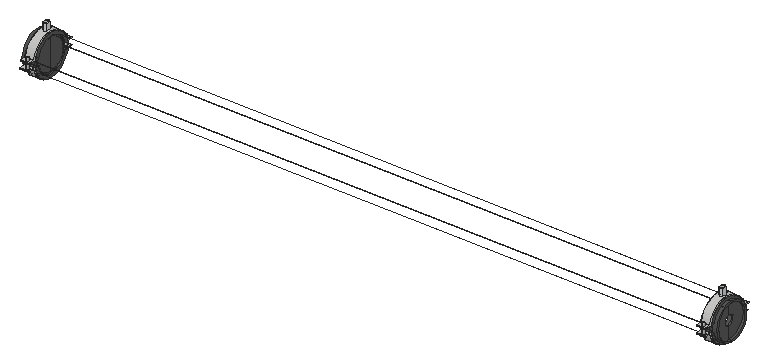
Revit family "FT LED Secure_2020", category Lighting Fixtures, Revit 2020
Family settings
  Round Connector Dimension = Use Diameter
  Part Type = Normal
  OmniClass Number = 23.80.70.00
  OmniClass Title = Lighting
  Work Plane-Based = No
  Always vertical = Yes
  Cut with Voids When Loaded = No
  Light Source = Yes
  Shared = No
  Room Calculation Point = No
Parameters (values of type "LS324")
  Watts = 40 W
  Wattage = 45.1051 W
  built-in parameter 1150110 = 1 (stored number, unit not read)
  Useful life = "L70B50>50000"
  Unify glade rating = "UGR<19"
  URL = "https://www.airfal.com/prod/atex-atmosfera-explosiva/luminaria-led-secure/"
  built-in parameter 1114217 = 1 (stored number, unit not read)
  Tilt Angle = 90.00°
  built-in parameter 1150109 = 1 (stored number, unit not read)
  built-in parameter 1150134 = 12
  built-in parameter 1150113 = 1 (stored number, unit not read)
  Photometric Web File = "LS324 LED SECURE 1500 40W 7070 lm 4000K.IES"
  Photobiological risk group = "RG1"
  Net output = 4481 lm
  MacAdam Ellipse = "3/4"
  built-in parameter 1150105 = 533.17 (stored number, unit not read)
  Lumens = 6700 lm
  built-in parameter 1150115 = 1 (stored number, unit not read)
  built-in parameter 1150137 = (empty or 0)
  built-in parameter 1150139 = (empty or 0)
  built-in parameter 1150112 = 1 (stored number, unit not read)
  built-in parameter 1150114 = 1 (stored number, unit not read)
  LED/FLUO = "LED or fluorescent tube"
  L = 1637.00 mm
  built-in parameter 1150132 = 2
  built-in parameter 1150102 = (empty or 0)
  built-in parameter 1150107 = 4000 (stored number, unit not read)
  built-in parameter 1150138 = (empty or 0)
  built-in parameter 1150106 = 5.3317 (stored number, unit not read)
  IP = "IP68-2"
  IK = "IK10"
  Glow wire test = ""
  Emit from Line Length = 609.60 mm
  Emergency system = yes
  built-in parameter 1150104 = 13.8 (stored number, unit not read)
  EX Area = "Ex II 3GD Ex nR IIC T6 Gc Ex tc IIIC T85 ºC Dc"
  Dimming Lamp Color Temperature Shift = <None>
  Description = "https://www.airfal.com/wp-content/uploads/2019/06/FT-Secure.pdf"
  Default Elevation = 0.00 mm
  Color Filter = 16777215
  Chromatic Index = "CR>80"
  built-in parameter 1114218 = 1 (stored number, unit not read)
  built-in parameter 1150133 = 10 (stored number, unit not read)
Types (12, lengths in mm): name | Watts | Wattage | Tilt Angle | built-in parameter 1150134 | Photometric Web File | Net output | built-in parameter 1150105 | Lumens | L | built-in parameter 1150107 | built-in parameter 1150106
  LS113 | 13 W | 10.0308 W | 60.00° | (empty or 0) | "LS113 LED SECURE 600 13W 1490 lm 3000K.IES" | 997 lm | 118.57 (stored number, unit not read) | 1490 lm | 727.00 | 3000 (stored number, unit not read) | 1.1857 (stored number, unit not read)
  LS114 | 13 W | 10.4348 W | 60.00° | 12 | "LS114 LED SECURE 600 13W 1550 lm 4000K.IES" | 1037 lm | 123.35 (stored number, unit not read) | 1550 lm | 727.00 | 4000 (stored number, unit not read) | 1.2335 (stored number, unit not read)
  LS123 | 16 W | 17.2342 W | 60.00° | (empty or 0) | "LS123 LED SECURE 600 16W 2560 lm 3000K.IES" | 1712 lm | 203.72 (stored number, unit not read) | 2560 lm | 727.00 | 3000 (stored number, unit not read) | 2.0372 (stored number, unit not read)
  LS124 | 16 W | 17.9747 W | 60.00° | 12 | "LS124 LED SECURE 600 16W 2670 lm 4000K.IES" | 1786 lm | 212.47 (stored number, unit not read) | 2670 lm | 727.00 | 4000 (stored number, unit not read) | 2.1247 (stored number, unit not read)
  LS213 | 24 W | 20.0617 W | 60.00° | (empty or 0) | "LS213 LED SECURE 1200 24W 2980 lm 3000K.IES" | 1993 lm | 237.14 (stored number, unit not read) | 2980 lm | 1337.00 | 3000 (stored number, unit not read) | 2.3714 (stored number, unit not read)
  LS214 | 24 W | 21.5427 W | 60.00° | 12 | "LS214 LED SECURE 1200 24W 3200 lm 4000K.IES" | 2140 lm | 254.65 (stored number, unit not read) | 3200 lm | 1337.00 | 4000 (stored number, unit not read) | 2.5465 (stored number, unit not read)
  LS223 | 32 W | 34.4684 W | 60.00° | (empty or 0) | "LS223 LED SECURE 1200 32W 5120 lm 3000K.IES" | 3423 lm | 407.44 (stored number, unit not read) | 5120 lm | 1337.00 | 3000 (stored number, unit not read) | 4.0744 (stored number, unit not read)
  LS224 | 32 W | 35.9494 W | 60.00° | 12 | "LS224 LED SECURE 1200 32W 5340 lm 4000K.IES" | 3571 lm | 424.94 (stored number, unit not read) | 5340 lm | 1337.00 | 4000 (stored number, unit not read) | 4.2494 (stored number, unit not read)
  LS313 | 29 W | 25.0434 W | 60.00° | (empty or 0) | "LS313 LED SECURE 1500 29W 3720 lm 3000K.IES" | 2488 lm | 296.03 (stored number, unit not read) | 3720 lm | 1637.00 | 3000 (stored number, unit not read) | 2.9603 (stored number, unit not read)
  LS314 | 29 W | 26.9284 W | 60.00° | 12 | "LS314 LED SECURE 1500 29W 4000 lm 4000K.IES" | 2675 lm | 318.31 (stored number, unit not read) | 4000 lm | 1637.00 | 4000 (stored number, unit not read) | 3.1831 (stored number, unit not read)
  LS323 | 40 W | 42.4796 W | 60.00° | (empty or 0) | "LS323 LED SECURE 1500 40W 6310 lm 3000K.IES" | 4220 lm | 502.13 (stored number, unit not read) | 6310 lm | 1637.00 | 3000 (stored number, unit not read) | 5.0213 (stored number, unit not read)
  LS324 | 40 W | 45.1051 W | 90.00° | 12 | "LS324 LED SECURE 1500 40W 7070 lm 4000K.IES" | 4481 lm | 533.17 (stored number, unit not read) | 6700 lm | 1637.00 | 4000 (stored number, unit not read) | 5.3317 (stored number, unit not read)
Reference planes
  plane 1 "Light Source Axis (F/B)": y = -218.644
  plane 2: z = 0
  plane 3 "Light Source Axis (L/R)": x = 0
  plane 4 "Light Source Elevation": z = 1371.6
  plane 5: z = 0
  plane 6: x = -818.5
  plane 7: x = 818.5
  plane 8: z = 1330.1
Forms (mm)
  Extrusion 1, solid, material "Polycarbonate"
    sketch origin (0, 0, 0) x (0, 1, 0) y (0, 0, 1)
      loop
        circle (-218.644, 1371.6) r 41.5
    from -818.5 to 818.5
Dimensions and locks
  equal spacing: plane 6, plane 3 "Light Source Axis (L/R)", plane 7
  "L": plane 6 to plane 7
  diameter of Extrusion 1 = 83.00 mm
  aligned and locked: level to plane 5
  aligned and locked: Extrusion 1 to plane 6
  aligned and locked: Extrusion 1 to plane 7
  aligned and locked: plane 4 "Light Source Elevation" to nested 1
  aligned and locked: plane 4 "Light Source Elevation" to nested 2
  aligned and locked: plane 8 to imposter light
  aligned and locked: nested 3 to plane 6
  aligned and locked: plane 4 "Light Source Elevation" to nested 3
  aligned and locked: plane 7 to nested 4  (x2)
  aligned and locked: nested 4 to plane 4 "Light Source Elevation"
  aligned and locked: plane 1 "Light Source Axis (F/B)" to nested 3
  aligned and locked: nested 4 to plane 1 "Light Source Axis (F/B)"
  aligned and locked: plane 6 to nested 1
  aligned and locked: plane 7 to nested 2
Automatic sketch dimensions
  Extrusion 1 sketch curve to plane 1 "Light Source Axis (F/B)" = 0.00 mm
  plane 4 "Light Source Elevation" to Extrusion 1 sketch curve = 0.00 mm
  radius of Extrusion 1 sketch curve = 41.50 mm
Nested families
  nested 1: "2S Clamp with Lining" at (-806, -218.644, 1371.6) x (0, 1, 0) z (0, 0, 1), type "82-87"
  nested 2: "2S Clamp with Lining" at (806, -218.644, 1371.6) x (0, 1, 0) z (0, 0, 1), type "82-87"
  nested 3: "R05R0 PC end caps (no hole)" at (-828.6, -218.644, 1371.6), type "81"
  nested 4: "R05R0 PC end caps (hole)" at (828.6, -218.644, 1371.6) x (-1, 0, 0) z (0, 0, 1), type "81"
Definition of nested family "2S Clamp with Lining"
  Parameters (values of type "145-153")
    s = 2.00 mm
    r1 = 75.00 mm
    h = 101.00 mm
    e = 20.00 mm
    b2 = 25.00 mm
    b = 23.00 mm
    H = 186.00 mm
    R2 = 85.00 mm
    R1 = 83.00 mm
    Default Elevation = 0.00 mm
    D = 150.00 mm
    B = 203.00 mm
  Types (4, lengths in mm): name | s | r1 | h | e | b2 | b | H | R2 | R1 | D | B
    38-46 | 1.30 | 20.50 | 45.00 | 10.00 | 22.00 | 20.00 | 74.00 | 29.00 | 27.80 | 41.00 | 84.00
    96-103 | 2.00 | 50.00 | 76.00 | 15.00 | 25.00 | 23.00 | 136.00 | 60.00 | 58.00 | 100.00 | 153.00
    145-153 | 2.00 | 75.00 | 101.00 | 20.00 | 25.00 | 23.00 | 186.00 | 85.00 | 83.00 | 150.00 | 203.00
    82-87 | 1.50 | 41.50 | 66.00 | 15.00 | 25.00 | 20.00 | 115.00 | 49.50 | 48.00 | 83.00 | 130.00
  Reference planes
    plane 1 "Center (Front/Back)": y = 0
    plane 2: z = 0
    plane 3 "Center (Left/Right)": x = 0
    plane 4: z = 101
    plane 5: z = -85
    plane 6: x = -101.5
    plane 7: x = 101.5
    plane 8: y = 11.5
    plane 9: y = -11.5
    plane 10: z = -75
    plane 11: z = 75
    plane 12: z = 85
    plane 13: z = -10
    plane 14: z = 10
    plane 15: z = -12
    plane 16: z = 12
    plane 17: z = 10
    plane 18: z = -10
    plane 19: z = 12
    plane 20: z = -12
    plane 21: y = 12.5
    plane 22: y = -12.5
    plane 23: x = -93.5
    plane 24: x = 93.5
  Forms (mm)
    Extrusion 1, solid
      sketch origin (34.5, 0, 46.201) x (1, 0, 0) y (0, 0, 1)
        loop
          line (-116.895, -56.201) -> (-136, -56.201) -> (-136, -58.201) -> (-118.649, -58.201)
          arc (-118.649, -58.201) -> (-34.5, -131.201) -> (49.649, -58.201) r 85
          line (49.649, -58.201) -> (67, -58.201) -> (67, -56.201) -> (47.895, -56.201)
          arc (47.895, -56.201) -> (-34.5, -129.201) -> (-116.895, -56.201) r 83
        loop
          arc (-116.895, -36.201) -> (-34.5, 36.799) -> (47.895, -36.201) r 83
          line (47.895, -36.201) -> (67, -36.201) -> (67, -34.201) -> (49.649, -34.201)
          arc (49.649, -34.201) -> (-34.5, 38.799) -> (-118.649, -34.201) r 85
          line (-118.649, -34.201) -> (-136, -34.201) -> (-136, -36.201) -> (-116.895, -36.201)
      from -11.5 to 11.5
    Extrusion 2, solid
      sketch origin (0, 0, 0) x (1, 0, 0) y (0, 1, 0)
        loop
          circle (0, 0) r 4
        loop
          line (-8, 0) -> (-4, -6.928) -> (4, -6.928) -> (8, 0) -> (4, 6.928) -> (-4, 6.928) -> (-8, 0)
      from 85 to 101
    Extrusion 3, solid
      sketch origin (0, 0, 0) x (1, 0, 0) y (0, 0, 1)
        loop
          line (-74.33, -10) -> (-82.395, -10)
          arc (-82.395, -10) -> (0, -83) -> (82.395, -10) r 83
          line (82.395, -10) -> (74.33, -10)
          arc (74.33, -10) -> (0, -75) -> (-74.33, -10) r 75
        loop
          line (-82.395, 10) -> (-74.33, 10)
          arc (-74.33, 10) -> (0, 75) -> (74.33, 10) r 75
          line (74.33, 10) -> (82.395, 10)
          arc (82.395, 10) -> (0, 83) -> (-82.395, 10) r 83
      from -12.5 to 12.5
    Revolve 4, solid
      sketch origin (0, 0, 0) x (1, 0, 0) y (0, 0, 1)
        loop
          line (-98.5, -12) -> (-98.5, -14.5)
          arc (-98.5, -14.5) -> (-96.083, -15.47) -> (-93.5, -15.8) r 10.265
          line (-93.5, -15.8) -> (-93.5, 18) -> (-95.375, 18) -> (-96, 17.375) -> (-96, -12) -> (-98.5, -12)
        axis (-93.5, -15.8) -> (-93.5, 18)
      angle from 0 to 360
    Revolve 5, solid
      sketch origin (135.743, 0, 0) x (1, 0, 0) y (0, 0, 1)
        loop
          line (-47.243, -12) -> (-47.243, -14.5)
          arc (-47.243, -14.5) -> (-44.826, -15.47) -> (-42.243, -15.8) r 10.265
          line (-42.243, -15.8) -> (-42.243, 18) -> (-44.118, 18) -> (-44.743, 17.375) -> (-44.743, -12) -> (-47.243, -12)
        axis (-42.243, -15.8) -> (-42.243, 18)
      angle from 0 to 360
  Lines and regions (mm)
    model lines
      curve 1: line (-93.5, 0, 0) -> (-91.5, 0, 0)
      curve 2: line (0, 0, 0) -> (0, -2, 0)
  Dimensions and locks
    "h": plane 4 to level
    "H": plane 4 to plane 5
    "B": plane 6 to plane 7
    equal spacing: plane 6, plane 3 "Center (Left/Right)", plane 7
    "b": plane 8 to plane 9
    equal spacing: plane 8, plane 1 "Center (Front/Back)", plane 9
    equal spacing: plane 11, level, plane 10
    "D": plane 11 to plane 10
    locked: plane 4 to plane 12 at 16
    equal spacing: plane 14, level, plane 13
    "s": plane 13 to plane 15
    "s": plane 16 to plane 14
    "e": plane 14 to plane 13
    equal spacing: plane 17, level, plane 18
    "e": plane 17 to plane 18
    "s": plane 19 to plane 17
    "s": plane 18 to plane 20
    equal spacing: plane 21, plane 1 "Center (Front/Back)", plane 22
    "b2": plane 21 to plane 22
    locked: plane 6 to plane 23 at 8
    locked: plane 7 to plane 24 at 8
    "R1": radius of Extrusion 1 sketch curve  (x2)
    "R2": radius of Extrusion 1 sketch curve  (x2)
    "r1": radius of Extrusion 3 sketch curve  (x2)
    "R1": radius of Extrusion 3 sketch curve  (x2)
    aligned and locked: plane 2 to level
    aligned and locked: plane 4 to Extrusion 2
    aligned and locked: Extrusion 2 to plane 12
    aligned and locked: plane 6 to Extrusion 1 sketch curve
    aligned and locked: Extrusion 1 sketch curve to plane 6
    aligned and locked: Extrusion 1 sketch curve to plane 7
    aligned and locked: plane 7 to Extrusion 1 sketch curve
    aligned and locked: Extrusion 1 sketch curve to plane 20
    aligned and locked: plane 18 to Extrusion 1 sketch curve
    aligned and locked: Extrusion 1 sketch curve to plane 17
    aligned and locked: plane 19 to Extrusion 1 sketch curve
    aligned and locked: plane 20 to Extrusion 1 sketch curve
    aligned and locked: Extrusion 1 sketch curve to plane 18
    aligned and locked: plane 17 to Extrusion 1 sketch curve
    aligned and locked: Extrusion 1 sketch curve to plane 19
    aligned and locked: Extrusion 1 to plane 8
    aligned and locked: Extrusion 1 to plane 9
    aligned and locked: Extrusion 1 to Extrusion 3 sketch curve
    aligned and locked: plane 18 to Extrusion 3 sketch curve  (x2)
    aligned and locked: Extrusion 3 sketch curve to plane 17
    aligned and locked: Extrusion 3 to plane 21
    aligned and locked: Extrusion 3 to plane 22
  Automatic sketch dimensions
    plane 1 "Center (Front/Back)" to Extrusion 2 sketch curve = 0.00 mm  (x3)
    Extrusion 2 sketch curve to plane 3 "Center (Left/Right)" = 0.00 mm
    Extrusion 2 sketch curve to plane 3 "Center (Left/Right)" = 4.00 mm  (x2)
    Extrusion 2 sketch curve to Extrusion 2 sketch curve = 4.00 mm  (x2)
    plane 3 "Center (Left/Right)" to Extrusion 2 sketch curve = 4.00 mm  (x2)
    plane 9 to Extrusion 2 sketch curve = 4.572 mm
    plane 8 to Extrusion 2 sketch curve = 4.572 mm
    Revolve 4 sketch curve to plane 20 = 0.00 mm
    Revolve 4 sketch curve to plane 23 = 0.00 mm  (x2)
    plane 23 to Revolve 4 sketch curve = 1.875 mm
    plane 23 to Revolve 4 sketch curve = 2.50 mm
    Revolve 4 sketch curve to Revolve 4 sketch curve = 2.50 mm
    plane 20 to Revolve 4 sketch curve = 2.50 mm
    Revolve 4 sketch curve to Revolve 4 sketch curve = 3.80 mm
    plane 19 to Revolve 4 sketch curve = 5.375 mm
    Revolve 4 sketch curve to Revolve 4 sketch curve = 0.625 mm
    Revolve 4 sketch curve to Revolve 4 sketch curve = 3.403 mm
    Revolve 4 sketch curve to Revolve 4 sketch curve = 4.181 mm
    Revolve 5 sketch curve to plane 20 = 0.00 mm
    Revolve 5 sketch curve to plane 24 = 0.00 mm  (x2)
    Revolve 5 sketch curve to Revolve 5 sketch curve = 1.875 mm
    Revolve 5 sketch curve to plane 24 = 2.50 mm
    Revolve 5 sketch curve to Revolve 5 sketch curve = 2.50 mm
    plane 20 to Revolve 5 sketch curve = 2.50 mm
    Revolve 5 sketch curve to Revolve 5 sketch curve = 3.80 mm
    plane 19 to Revolve 5 sketch curve = 5.375 mm
    Revolve 5 sketch curve to Revolve 5 sketch curve = 0.625 mm
    Revolve 5 sketch curve to Revolve 5 sketch curve = 3.403 mm
    Revolve 5 sketch curve to Revolve 5 sketch curve = 4.181 mm
    curve 1 to level = 0.00 mm
    plane 23 to curve 1 = 0.00 mm
    curve 1 to curve 1 = 2.00 mm
    curve 2 to level = 0.00 mm
    curve 2 to plane 1 "Center (Front/Back)" = 0.00 mm
    plane 1 "Center (Front/Back)" to curve 2 = 2.00 mm
    Extrusion 1 sketch curve to Extrusion 1 sketch curve = 0.00 mm  (x12)
    Extrusion 1 sketch curve to level = 0.00 mm
    Extrusion 1 sketch curve to plane 3 "Center (Left/Right)" = 0.00 mm
    Extrusion 3 sketch curve to Extrusion 3 sketch curve = 0.00 mm  (x12)
    Extrusion 3 sketch curve to level = 0.00 mm
    Extrusion 3 sketch curve to plane 3 "Center (Left/Right)" = 0.00 mm
    radius of Extrusion 2 sketch curve = 4.00 mm
Definition of nested family "R05R0 PC end caps (no hole)"
  Parameters (values of type "81")
    R1 = 40.50 mm
    Default Elevation = 0.00 mm
  Reference planes
    plane 1 "Center (Front/Back)": y = 0
    plane 2: z = 0
    plane 3 "Center (Left/Right)": x = 0
  Forms (mm)
    Revolve 1, solid
      sketch origin (0, 0, 0) x (1, 0, 0) y (0, 0, 1)
        loop
          line (0, 40.5) -> (6.6, 40.5) -> (6.6, 0) -> (32.65, 0) -> (32.65, 37.75)
          arc (32.65, 37.75) -> (32.357, 38.457) -> (31.65, 38.75) r 1
          line (31.65, 38.75) -> (25.75, 38.75) -> (25.75, 36.8) -> (14.85, 36.8) -> (14.85, 38.5) -> (10.1, 38.5) -> (10.1, 43.5) -> (0, 43.5) -> (0, 40.5)
        axis (0, 0) -> (32.65, 0)
      angle from 0 to 360
  Lines and regions (mm)
    model lines
      curve 1: line (6.6, 0, 0) -> (10.1, 0, 0)
  Dimensions and locks
    "R1": Revolve 1 sketch curve to Revolve 1 sketch curve
    Revolve 1 sketch curve to Revolve 1 sketch curve to Revolve 1 sketch curve to Revolve 1 sketch curve = 1.75 mm, 0.25 mm, 1.70 mm
    aligned and locked: plane 2 to level
    aligned and locked: Revolve 1 sketch curve to Revolve 1 sketch curve
    aligned and locked: Revolve 1 sketch curve to level
  Automatic sketch dimensions
    curve 1 to level = 0.00 mm
    plane 3 "Center (Left/Right)" to curve 1 = 6.60 mm
    curve 1 to curve 1 = 3.50 mm
    Revolve 1 sketch curve to plane 3 "Center (Left/Right)" = 0.00 mm
    plane 3 "Center (Left/Right)" to Revolve 1 sketch curve = 6.60 mm
    Revolve 1 sketch curve to Revolve 1 sketch curve = 3.50 mm
    Revolve 1 sketch curve to Revolve 1 sketch curve = 4.75 mm
    Revolve 1 sketch curve to Revolve 1 sketch curve = 10.90 mm
    Revolve 1 sketch curve to Revolve 1 sketch curve = 5.90 mm
    Revolve 1 sketch curve to Revolve 1 sketch curve = 1.00 mm
    Revolve 1 sketch curve to Revolve 1 sketch curve = 3.00 mm
    Revolve 1 sketch curve to plane 3 "Center (Left/Right)" = 26.536 mm
    Revolve 1 sketch curve to Revolve 1 sketch curve = 9.208 mm
Definition of nested family "R05R0 PC end caps (hole)"
  Parameters (values of type "81")
    R1 = 40.50 mm
    Default Elevation = 0.00 mm
  Reference planes
    plane 1 "Center (Front/Back)": y = 0
    plane 2: z = 0
    plane 3 "Center (Left/Right)": x = 0
  Forms (mm)
    Revolve 1, solid
      sketch origin (0, 0, 0) x (1, 0, 0) y (0, 0, 1)
        loop
          line (0, 40.5) -> (6.6, 40.5) -> (6.6, 12.5) -> (10.1, 12.5) -> (10.1, 34.25) -> (32.65, 34.25) -> (32.65, 37.75)
          arc (32.65, 37.75) -> (32.357, 38.457) -> (31.65, 38.75) r 1
          line (31.65, 38.75) -> (25.75, 38.75) -> (25.75, 36.8) -> (14.85, 36.8) -> (14.85, 38.5) -> (10.1, 38.5) -> (10.1, 43.5) -> (0, 43.5) -> (0, 40.5)
        axis (0, 0) -> (32.65, 0)
      angle from 0 to 360
  Lines and regions (mm)
    model lines
      curve 1: line (6.6, 0, 0) -> (10.1, 0, 0)
  Dimensions and locks
    "R1": Revolve 1 sketch curve to Revolve 1 sketch curve
    Revolve 1 sketch curve to Revolve 1 sketch curve to Revolve 1 sketch curve to Revolve 1 sketch curve = 1.75 mm, 0.25 mm, 1.70 mm
    Revolve 1 sketch curve to Revolve 1 sketch curve = 12.50 mm
    aligned and locked: plane 2 to level
    aligned and locked: Revolve 1 sketch curve to level
  Automatic sketch dimensions
    curve 1 to level = 0.00 mm
    plane 3 "Center (Left/Right)" to curve 1 = 6.60 mm
    curve 1 to curve 1 = 3.50 mm
    Revolve 1 sketch curve to plane 3 "Center (Left/Right)" = 0.00 mm
    plane 3 "Center (Left/Right)" to Revolve 1 sketch curve = 6.60 mm
    Revolve 1 sketch curve to Revolve 1 sketch curve = 3.50 mm  (x2)
    Revolve 1 sketch curve to Revolve 1 sketch curve = 4.75 mm
    Revolve 1 sketch curve to Revolve 1 sketch curve = 10.90 mm
    Revolve 1 sketch curve to Revolve 1 sketch curve = 5.90 mm
    Revolve 1 sketch curve to Revolve 1 sketch curve = 1.00 mm
    Revolve 1 sketch curve to Revolve 1 sketch curve = 4.25 mm
    Revolve 1 sketch curve to Revolve 1 sketch curve = 3.00 mm
    Revolve 1 sketch curve to plane 3 "Center (Left/Right)" = 26.536 mm
    Revolve 1 sketch curve to Revolve 1 sketch curve = 31.758 mm
